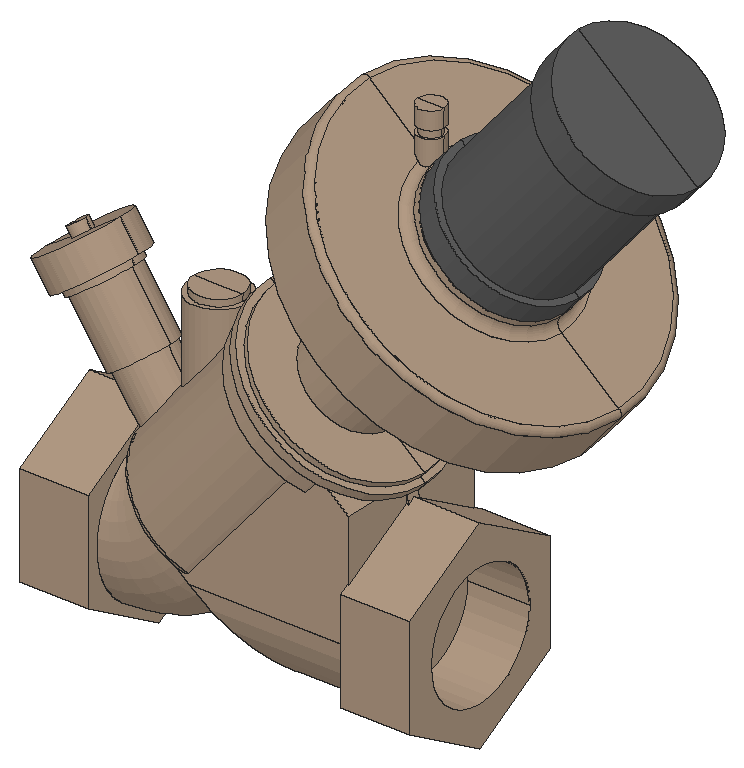
Revit family "M_Valve_Balancing and Control_MEPcontent_Oventrop_Hydromat DTR 10645", category Pipe Accessories, Revit 2015
Parameters (values of type "DN 40")
  Wholesaler Art. No. = ""
  Wholesaler = ""
  Watermarked By = "www.stabiplan.com"
  built-in parameter 1114242 [instance] = 1
  URL = "www.stabiplan.com"
  Stabu Code = ""
  Revit Version = "2015"  # constant formula
  Product Line = "Oventrop"  # constant formula
  Model = "Hydromat DTR 10645"
  MEPcontent Class = "VALVE_BALANCING"  # constant formula
  Language = ""
  Internal Art. No. = ""
  IFCExportType = "PRESSUREREDUCING"
  IFCExportAs = "IfcValveType"
  GTIN = "4026755127171"
  Function Code [instance] = ""
  Female_Port_Width = 19.100 mm
  r3_Bonnet = (0.28571 * D_Bonnet) / 2  # 14.857 mm
  r2 = 3.000 mm  # constant formula
  r1 = 2.000 mm  # constant formula
  Use Nominal Diameter [instance] = yes
  SW2 = Nut_Dimension / sqrt(3 / 4)  # 62.354 mm
  Nut_Dimension = 54.000 mm
  Rcut_Bonnet = R1_Bonnet - 1.000 mm  # 22.026 mm
  Rad5 = Rad4 + 2.000 mm  # 31.150 mm
  Rad4 = Rad3 + 2.500 mm  # 29.150 mm
  Rad3 = Rad2 + 2.500 mm  # 26.650 mm
  Rad2 = Rad1  # 24.150 mm
  Rad1 = OuterDiameter / 2  # 24.150 mm
  R3_Bonnet [instance] = NominalRadius + 7.500 mm  # 26.550 mm
  R2_Bonnet = (0.6 * D_Bonnet) / 2  # 31.200 mm
  R1_Bonnet = (0.4428 * D_Bonnet) / 2  # 23.026 mm
  Pressure Drop = 0.0 Pa
  NominalRadius [instance] = if(Use Nominal Diameter, NominalDiameter / 2, OuterDiameter / 2)  # 19.050 mm
  NominalDiameter = 38.100 mm
  Manufacturer = "Oventrop"  # constant formula
  Lgt2 = 11.000 mm  # constant formula
  Lgt1 = Female_Port_Width + 2.000 mm  # 21.100 mm
  L2 = Rad2 * tan(Angle / 2)  # 11.261 mm
  Length = 120.000 mm
  Hlp1 = 22.000 mm  # constant formula
  Hb6 = ((Hb2 + Hb3 + Hb5 + (2 * r1)) / sin(Angle)) - (NominalDiameter * 0.29 + 2.700 mm)  # 67.186 mm
  Hb5 = 3.000 mm  # constant formula
  Hb4 = 18.000 mm  # constant formula
  Hb3 = 5.000 mm
  Hb2 = if(NominalDiameter > 25.000 mm, 50.000 mm, NominalDiameter * 0.6 + 10.000 mm)  # 50.000 mm
  Hb1 = (Height / sin(Angle)) - (24.000 mm / tan(Angle))  # 212.224 mm
  H_Bonnet = Height  # 178.000 mm
  H1_Bonnet = 0.242 * H_Bonnet  # 43.076 mm
  Height = 178.000 mm
  Family Version = "10.14"  # constant formula
  ETIM Article Class = "EC011463"
  EMCS Version = "2.0"  # constant formula
  Dist_elem = 45.000 mm
  Description = "Differential pressure regulator\r\n"  # constant formula
  OuterDiameter = 48.300 mm
  D_Bonnet = 104.000 mm  # constant formula
  Manufacturer URL = "http://www.oventrop.de/ArticleInfo.aspx?art=1064512"
  Custom = no
  Copyright = "© Stabiplan International BV"  # constant formula
  Content Supplier URL = "www.mepcontent.eu"
  CB-NL Class = ""
  Bronze = Color RGB 156-122-90
  BonnetPlastic = Color RGB 35-35-35
  Article Type = "Hydromat DTR 10645"  # constant formula
  Article Description = "Differential pressure regulator"  # constant formula
  Angle = 50.00°  # constant formula
  Manufacturer Art. No. = "1064512"
Types (6, lengths in mm): name | GTIN | Female_Port_Width | SW2 | Nut_Dimension | Rad5 | Rad4 | Rad3 | Rad2 | Rad1 | R3_Bonnet | NominalRadius | NominalDiameter | Lgt1 | L2 | Length | Hb6 | Hb3 | Hb2 | Hb1 | H_Bonnet | H1_Bonnet | Height | Dist_elem | OuterDiameter | Manufacturer URL | Manufacturer Art. No.
  DN 40 | "4026755127171" | 19.100 | 62.354 | 54.000 | 31.150 | 29.150 | 26.650 | 24.150 | 24.150 | 26.550 | 19.050 | 38.100 | 21.100 | 11.261 | 120.000 | 67.186 | 5.000 | 50.000 | 212.224 | 178.000 | 43.076 | 178.000 | 45.000 | 48.300 | "http://www.oventrop.de/ArticleInfo.aspx?art=1064512" | "1064512"
  DN 32 | "4026755127164" | 19.100 | 57.735 | 50.000 | 28.200 | 26.200 | 23.700 | 21.200 | 21.200 | 23.375 | 15.875 | 31.750 | 21.100 | 9.886 | 110.000 | 63.806 | 1.000 | 50.000 | 204.392 | 172.000 | 41.624 | 172.000 | 45.000 | 42.400 | "http://www.oventrop.de/ArticleInfo.aspx?art=1064510" | "1064510"
  DN 25 | "4026755127157" | 16.800 | 47.343 | 41.000 | 23.850 | 21.850 | 19.350 | 16.850 | 16.850 | 20.200 | 12.700 | 25.400 | 18.800 | 7.857 | 97.500 | 81.313 | 13.000 | 50.000 | 192.643 | 163.000 | 39.446 | 163.000 | 39.000 | 33.700 | "http://www.oventrop.de/ArticleInfo.aspx?art=1064508" | "1064508"
  DN 20 | "4026755127140" | 14.500 | 36.950 | 32.000 | 20.450 | 18.450 | 15.950 | 13.450 | 13.450 | 17.025 | 9.525 | 19.050 | 16.500 | 6.272 | 84.000 | 43.248 | 11.000 | 21.430 | 188.727 | 160.000 | 38.720 | 160.000 | 40.000 | 26.900 | "http://www.oventrop.de/ArticleInfo.aspx?art=1064506" | "1064506"
  DN 15 | "4026755127133" | 13.200 | 31.177 | 27.000 | 17.650 | 15.650 | 13.150 | 10.650 | 10.650 | 13.850 | 6.350 | 12.700 | 15.200 | 4.966 | 80.000 | 45.337 | 15.000 | 17.620 | 186.116 | 158.000 | 38.236 | 158.000 | 37.000 | 21.300 | "http://www.oventrop.de/ArticleInfo.aspx?art=1064504" | "1064504"
  DN 50 | "4026755216912" | 25.700 | 80.829 | 70.000 | 37.150 | 35.150 | 32.650 | 30.150 | 30.150 | 32.900 | 25.400 | 50.800 | 27.700 | 14.059 | 150.000 | 63.503 | 5.000 | 50.000 | 253.997 | 210.000 | 50.820 | 210.000 | 67.000 | 60.300 | "http://www.oventrop.de/ArticleInfo.aspx?art=1064516" | "1064516"
Reference planes
  plane 1 "Center (Front/Back)": y = 0
  plane 2: z = 0
  plane 3 "Center (Left/Right)": x = 0
  plane 4: x = -60
  plane 5: x = 60
  plane 6: x = 40.9
  plane 7: x = -40.9
  plane 8: x = -38.9
  plane 9: z = -24.15
  plane 10: z = -26.65
  plane 11: z = -29.15
  plane 12: x = -27.639
  plane 13: z = 24.15
  plane 14: y = 5.5
  plane 15: y = -5.5
  plane 16: y = -24.15
  plane 17: y = 24.15
  plane 18: x = 38.9
  plane 19: y = 11
  plane 20: y = -11
  plane 21: y = -2
  plane 22: y = 2
  plane 23: z = 31.177
  plane 24: z = -31.177
  plane 25: y = 27
  plane 26: y = -27
  plane 27: z = 178
  plane 28: z = 113.646
Forms (mm)
  Extrusion 1, solid, material "Color RGB 156-122-90" <- "Bronze", detail levels fine
    sketch origin (0, 0, 0) x (0, 1, 0) y (0, 0, 1)
      loop
        circle (0, 0) r 24.15
    from -40.9 to 40.9
  Revolve 2, void
    sketch origin (-27.639, 0, 0) x (0.642788, 0, 0.766044) y (-0.766044, 0, 0.642788)
      loop
        line (11.261, 0) -> (-120, 0) -> (-120, -120) -> (11.261, -120) -> (11.261, 0)
      axis (-120, 0) -> (11.261, 0)
    angle from 0 to 360
  Revolve 3, solid, material "Color RGB 156-122-90" <- "Bronze", detail levels fine
    sketch origin (-38.9, -1524, 140.053) x (0, 0, 1) y (0, -1, 0)
      loop
        circle (-140.053, -1524) r 24.15
      axis (-115.903, -1524) -> (-115.903, -1523)
    angle from 0 to -50
  Extrusion 4, solid, material "Color RGB 156-122-90" <- "Bronze", detail levels fine
    sketch origin (-38.9, -1524, 140.053) x (0, 0, 1) y (0, -1, 0)
      loop
        circle (-140.053, -1524) r 24.15
    from -2 to 0
  Revolve 5, solid, material "Color RGB 156-122-90" <- "Bronze", detail levels fine
    sketch origin (-28.571, 0, 0) x (0.642788, 0, 0.766044) y (-0.766044, 0, 0.642788)
      loop
        line (75.861, -0.714) -> (11.861, -0.714) -> (11.861, -25.364)
        arc (11.861, -25.364) -> (12.447, -26.779) -> (13.861, -27.364) r 2
        line (13.861, -27.364) -> (61.861, -27.364) -> (63.861, -29.864) -> (68.861, -29.864) -> (70.861, -31.864) -> (73.861, -31.864) -> (73.861, -29.864) -> (75.861, -29.864) -> (75.861, -0.714)
      axis (11.861, -0.714) -> (75.861, -0.714)
    angle from 0 to 360
  Extrusion 6, solid, material "Color RGB 156-122-90" <- "Bronze", detail levels fine
    sketch origin (40.9, -1524, 140.053) x (0, 0, 1) y (0, -1, 0)
      loop
        circle (-140.053, -1524) r 24.15
    from 0 to -2
  Extrusion 7, solid, material "Color RGB 156-122-90" <- "Bronze", detail levels fine
    sketch origin (-27.639, 0, 0) x (0.642788, 0, 0.766044) y (-0.766044, 0, 0.642788)
      loop
        line (70.261, 0) -> (11.261, 0) -> (11.261, -13.421) -> (42.77, -50.972) -> (70.261, -27.904) -> (70.261, 0)
    from -24.15 to 24.15
  Extrusion 8, solid, material "Color RGB 156-122-90" <- "Bronze", detail levels fine
    sketch origin (-27.639, 0, 0) x (0.642788, 0, 0.766044) y (-0.766044, 0, 0.642788)
      loop
        line (73.261, -23.631) -> (73.261, 0) -> (37.949, -45.226) -> (44.056, -52.504) -> (62.556, -36.98) -> (73.261, -23.631)
    from -2 to 2
  Revolve 9, solid, material "Color RGB 156-122-90" <- "Bronze", detail levels fine
    sketch origin (-20.4, 0, 8.627) x (-0.573576, 0, 0.819152) y (-0.819152, 0, -0.573576)
      loop
        line (61, -11) -> (63, -11) -> (63, -14) -> (73, -14) -> (73, -3) -> (76, -3) -> (76, 0) -> (0, 0) -> (0, -9) -> (40, -9) -> (40, -10) -> (61, -10) -> (61, -11)
      axis (0, 0) -> (76, 0)
    angle from 0 to 360
  Revolve 10, solid, material "Color RGB 156-122-90" <- "Bronze", detail levels fine
    sketch origin (-20.4, 0, 8.627) x (0, 0, 1) y (-1, 0, 0)
      loop
        line (0, 0) -> (0, -9) -> (58.011, -9) -> (58.011, -7.533) -> (60, -7.533) -> (60, 0) -> (0, 0)
      axis (0, 0) -> (60, 0)
    angle from 0 to 360
  Extrusion 11, solid, material "Color RGB 156-122-90" <- "Bronze", detail levels fine
    sketch origin (0, 0, 0) x (0, 1, 0) y (0, 0, 1)
      loop
        line (0, 31.177) -> (-27, 15.588) -> (-27, -15.588) -> (0, -31.177) -> (27, -15.588) -> (27, 15.588) -> (0, 31.177)
      loop
        circle (0, 0) r 19.05
    from 38.9 to 60
  Extrusion 12, solid, material "Color RGB 156-122-90" <- "Bronze", detail levels fine
    sketch origin (0, 0, 0) x (0, 1, 0) y (0, 0, 1)
      loop
        line (0, 31.177) -> (-27, 15.588) -> (-27, -15.588) -> (0, -31.177) -> (27, -15.588) -> (27, 15.588) -> (0, 31.177)
      loop
        circle (0, 0) r 19.05
    from -60 to -38.9
  Revolve 13, solid, material "Color RGB 35-35-35" <- "BonnetPlastic", detail levels fine
    sketch origin (0, 0, 0) x (1, 0, 0) y (0, 0, 1)
      loop
        line (90.391, 178) -> (83.963, 170.34) -> (85.496, 169.054) -> (55.606, 133.433) -> (54.074, 134.718) -> (49.253, 128.973) -> (67.638, 113.546) -> (108.776, 162.573) -> (90.391, 178)
      axis (67.638, 113.546) -> (108.776, 162.573)
    angle from 0 to 360
  Revolve 14, solid, material "Color RGB 156-122-90" <- "Bronze", detail levels fine
    sketch origin (0, 0, 0) x (1, 0, 0) y (0, 0, 1)
      loop
        line (49.253, 128.973) -> (47.967, 127.441)
        arc (47.967, 127.441) -> (45.931, 126.381) -> (43.741, 127.071) r 3
        line (43.741, 127.071) -> (26.122, 141.855)
        arc (26.122, 141.855) -> (24.662, 142.316) -> (23.304, 141.609) r 2
        line (23.304, 141.609) -> (11.734, 127.82) -> (31.609, 107.945) -> (25.181, 100.285) -> (29.624, 92.59) -> (8.75, 67.713) -> (20.738, 57.654) -> (67.638, 113.546) -> (49.253, 128.973)
      axis (20.738, 57.654) -> (67.638, 113.546)
    angle from 0 to 360
  Revolve 15, solid, material "Color RGB 156-122-90" <- "Bronze", detail levels fine
    sketch origin (0, 0, 0) x (1, 0, 0) y (0, 0, 1)
      loop
        line (45, 141.599) -> (40.952, 141.599) -> (40.952, 136.293) -> (41.858, 135.799) -> (41.858, 133.743) -> (41.002, 133.743) -> (41.002, 113.646) -> (45, 113.646) -> (45, 141.599)
      axis (45, 113.646) -> (45, 141.599)
    angle from 0 to 360
Cuts and joins
  Revolve 2 cuts Extrusion 1
  joined: Revolve 14, Revolve 15
Lines and regions (mm)
  reference lines
    curve 1: line (-27.639, 0, 0) -> (229.476, 0, 306.418)
    curve 2: line (39.496, 0, 220.706) -> (172.846, 0, 108.812)
    curve 3: line (-48.542, 0, 115.787) -> (84.808, 0, 3.893)
    curve 4: line (-49.828, 0, 114.255) -> (83.522, 0, 2.361)
    curve 5: line (-51.756, 0, 111.957) -> (81.594, 0, 0.063)
    curve 6: line (-53.042, 0, 110.425) -> (80.308, 0, -1.469)
    curve 7: line (-56.256, 0, 106.594) -> (77.094, 0, -5.3)
    curve 8: line (-89.681, 0, 66.76) -> (43.669, 0, -45.134)
    curve 9: line (-27.639, 0, 0) -> (58.378, 0, -72.176)
    curve 10: line (-57.541, 0, 105.062) -> (75.809, 0, -6.832)
    curve 11: line (25.085, 0, 21.374) -> (65.449, 0, 69.477)
    curve 12: line (67.364, 0, 67.87) -> (27, 0, 19.767)
    curve 13: line (68.896, 0, 66.584) -> (28.532, 0, 18.481)
    curve 14: line (119.715, 24, 175.609) -> (106.141, 24, 159.432)
    curve 15: line (119.715, -24, 175.609) -> (106.141, -24, 159.432)
    curve 16: line (119.715, 35, 175.609) -> (106.141, 35, 159.432)
    curve 17: line (108.776, 41.48, 162.573) -> (108.776, -45.862, 162.573)
    curve 18: line (106.848, 41.48, 160.275) -> (106.848, -45.862, 160.275)
    curve 19: line (95.921, -45.862, 147.252) -> (95.921, 41.48, 147.252)
    curve 20: line (-20.4, 0, 8.627) -> (-49.079, 0, 49.584)
    curve 21: line (-20.4, 0, 8.627) -> (-20.4, 0, 50.926)
    curve 22: line (0, 54, 0) -> (0, 0, 31.177)
    curve 23: line (0, 0, -31.177) -> (0, -54, 0)
    curve 24: line (0, -54, 0) -> (0, 0, 31.177)
    curve 25: line (0, 0, -31.177) -> (0, 54, 0)
  model lines, style "Accessories", detail levels coarse+medium
    curve 26: line (-40.9, 0, 24.15) -> (-40.9, 0, -24.15)
    curve 27: line (40.9, 0, 24.15) -> (40.9, 0, -24.15)
    curve 28: line (-40.9, 0, -24.15) -> (40.9, 0, 24.15)
    curve 29: line (40.9, 0, -24.15) -> (-40.9, 0, 24.15)
    curve 30: circle (0, 0, 0) r 19.05 normal (1, 0, 0)
    curve 31: line (-40.9, 24.15, 0) -> (-40.9, -24.15, 0)
    curve 32: line (40.9, 24.15, 0) -> (40.9, -24.15, 0)
    curve 33: line (40.9, 24.15, 0) -> (-40.9, -24.15, 0)
    curve 34: line (-40.9, 24.15, 0) -> (40.9, -24.15, 0)
Dimensions and locks
  equal spacing: plane 5, plane 3 "Center (Left/Right)", plane 4
  "Length": plane 5 to plane 4
  "Female_Port_Width": plane 7 to plane 4
  "Lgt1": plane 4 to plane 8
  "L2": plane 12 to plane 8
  "Female_Port_Width": plane 6 to plane 5
  "Rad4": level to plane 11
  "Rad3": level to plane 10
  "Rad2": level to plane 9
  "Rad2": plane 13 to level
  equal spacing: plane 14, plane 1 "Center (Front/Back)", plane 15
  "Lgt2": plane 14 to plane 15
  "Hb1": curve 9 to curve 2
  "Length": Revolve 2 sketch curve to curve 1
  "Length": Revolve 2 sketch curve to curve 9
  equal spacing: plane 17, plane 1 "Center (Front/Back)", plane 16
  "Rad2": plane 1 "Center (Front/Back)" to plane 16
  "L2": curve 9 to curve 8
  "Lgt1": plane 5 to plane 18
  "Hb2": curve 8 to curve 10
  "r1": curve 10 to curve 7
  "Hb3": curve 7 to curve 6
  "r1": curve 6 to curve 5
  "Hb5": curve 5 to curve 4
  "r1": curve 4 to curve 3
  "Rad3": curve 11 to curve 1
  "Rad4": curve 12 to curve 1
  "Rad5": curve 13 to curve 1
  "Hlp1": plane 19 to plane 20
  equal spacing: plane 19, plane 1 "Center (Front/Back)", plane 20
  equal spacing: curve 14, curve 1, curve 15
  locked: curve 14 to curve 1 at 24
  curve 16 to curve 1 = 35.000 mm
  "Hb1": curve 1 to curve 17
  locked: curve 18 to curve 17 at 3
  locked: curve 19 to curve 18 at 17
  equal spacing: plane 22, plane 1 "Center (Front/Back)", plane 21
  "r1": plane 1 "Center (Front/Back)" to plane 21
  locked: Revolve 9 sketch curve to curve 20 at 9
  locked: Revolve 9 sketch curve to Revolve 9 sketch curve at 40
  locked: Revolve 9 sketch curve to Revolve 9 sketch curve at 21
  locked: Revolve 10 sketch curve to curve 21 at 9
  equal spacing: plane 25, plane 1 "Center (Front/Back)", plane 26
  "Nut_Dimension": plane 25 to plane 26
  equal spacing: plane 23, level, plane 24
  "SW2": plane 23 to plane 24
  equal spacing: curve 23, plane 1 "Center (Front/Back)", curve 22
  "Nut_Dimension": curve 23 to curve 22
  equal spacing: curve 24, plane 1 "Center (Front/Back)", curve 25
  "Nut_Dimension": curve 24 to curve 25
  locked: Revolve 9 sketch curve to Revolve 9 sketch curve at 2
  locked: Revolve 9 sketch curve to Revolve 9 sketch curve at 10
  locked: Revolve 9 sketch curve to Revolve 9 sketch curve at 3  (x3)
  locked: Revolve 9 sketch curve to Revolve 9 sketch curve at 1  (x2)
  locked: plane 1 "Center (Front/Back)" to Extrusion 11 sketch curve
  locked: level to Extrusion 11 sketch curve
  locked: level to Extrusion 12 sketch curve
  locked: plane 1 "Center (Front/Back)" to Extrusion 12 sketch curve
  "Height": plane 27 to level
  locked: Revolve 10 sketch curve to Revolve 10 sketch curve at 1.989
  locked: Revolve 10 sketch curve to Revolve 10 sketch curve at 60
  locked: curve 1 to Revolve 13 sketch curve at 24
  locked: Revolve 13 sketch curve to Revolve 13 sketch curve at 2  (x2)
  curve 1 to Revolve 14 sketch curve to Revolve 14 sketch curve to Revolve 14 sketch curve to Revolve 14 sketch curve to Revolve 14 sketch curve = 15.650 mm locked, 8.350 mm locked, 3.000 mm locked, 23.000 mm locked, 2.000 mm locked
  Revolve 14 sketch curve to Revolve 14 sketch curve to Revolve 14 sketch curve to Revolve 14 sketch curve to Revolve 14 sketch curve to Revolve 14 sketch curve to Revolve 14 sketch curve to curve 2 = 3.039 mm locked, 10.000 mm locked, 2.450 mm locked, 18.000 mm locked, 2.000 mm locked, 5.000 mm locked, 64.000 mm locked
  Revolve 13 sketch curve to Revolve 13 sketch curve to Revolve 13 sketch curve to curve 2 = 7.500 mm locked, 46.500 mm locked, 10.000 mm locked
  locked: plane 27 to plane 28 at 64.354
  Revolve 15 sketch curve to Revolve 15 sketch curve to Revolve 15 sketch curve to Revolve 15 sketch curve to plane 28 = 5.306 mm, 0.494 mm locked, 2.056 mm locked, 20.097 mm locked
  "Dist_elem": Revolve 15 sketch curve to plane 3 "Center (Left/Right)"
  Revolve 15 sketch curve to Revolve 15 sketch curve to Revolve 15 sketch curve = 0.906 mm locked, 3.142 mm locked
  locked: Revolve 15 sketch curve to Revolve 15 sketch curve at 3.998
  "Rad2": radius of Extrusion 1 sketch curve
  "Rad2": radius of Revolve 3 sketch curve
  "Rad2": radius of Extrusion 4 sketch curve
  "r1": radius of Revolve 5 sketch curve
  "Rad2": radius of Extrusion 6 sketch curve
  "NominalRadius": radius of curve 30
  "NominalRadius": radius of Extrusion 11 sketch curve
  "NominalRadius": radius of Extrusion 12 sketch curve
  radius of Revolve 14 sketch curve = 3.000 mm
  radius of Revolve 14 sketch curve = 2.000 mm
  "Angle": angle level to curve 1
  locked: curve 1 to curve 20 (angle 75.00°)
  locked: curve 1 to curve 21 (angle 40.00°)
  aligned and locked: level to plane 2
  aligned and locked: plane 12 to curve 1
  aligned and locked: plane 2 to curve 1
  aligned and locked: curve 3 to curve 2  (x2)
  aligned and locked: curve 4 to curve 2  (x2)
  aligned and locked: curve 5 to curve 2  (x2)
  aligned and locked: curve 6 to curve 2  (x2)
  aligned and locked: curve 7 to curve 2  (x2)
  aligned and locked: curve 8 to curve 2  (x2)
  aligned and locked: curve 9 to curve 1  (x2)
  aligned and locked: Revolve 2 sketch curve to curve 1  (x2)
  aligned and locked: plane 6 to Extrusion 1
  aligned and locked: plane 7 to Extrusion 1
  aligned and locked: Revolve 3 sketch curve to plane 13
  aligned and locked: plane 7 to Extrusion 4
  aligned and locked: plane 8 to Extrusion 4
  aligned and locked: Revolve 5 sketch curve to curve 8
  aligned and locked: curve 1 to Revolve 5 sketch curve
  aligned and locked: Revolve 5 sketch curve to curve 1
  aligned and locked: curve 8 to Revolve 2 sketch curve
  aligned and locked: curve 12 to curve 11  (x2)
  aligned and locked: curve 13 to curve 11  (x2)
  aligned and locked: curve 3 to Revolve 5 sketch curve
  aligned and locked: Revolve 5 sketch curve to curve 11
  aligned and locked: curve 10 to Revolve 5 sketch curve
  aligned and locked: curve 12 to Revolve 5 sketch curve
  aligned and locked: curve 7 to Revolve 5 sketch curve
  aligned and locked: curve 6 to Revolve 5 sketch curve
  aligned and locked: curve 5 to Revolve 5 sketch curve
  aligned and locked: curve 13 to Revolve 5 sketch curve
  aligned and locked: Revolve 5 sketch curve to curve 4
  aligned and locked: Revolve 5 sketch curve to curve 12
  aligned and locked: curve 17 to curve 19  (x2)
  aligned and locked: curve 17 to curve 18  (x2)
  aligned and locked: Extrusion 6 to plane 18
  aligned and locked: curve 5 to Extrusion 7 sketch curve
  aligned and locked: Extrusion 7 sketch curve to plane 18
  aligned and locked: plane 2 to Extrusion 7 sketch curve
  aligned and locked: curve 1 to Extrusion 7 sketch curve
  aligned and locked: plane 17 to Extrusion 7
  aligned and locked: plane 16 to Extrusion 7
  aligned and locked: curve 8 to Extrusion 7 sketch curve
  aligned and locked: curve 4 to Extrusion 8 sketch curve  (x2)
  aligned and locked: plane 13 to Extrusion 8 sketch curve
  aligned and locked: Extrusion 8 sketch curve to plane 6
  aligned and locked: plane 2 to Extrusion 8 sketch curve
  aligned and locked: Extrusion 8 to plane 22
  aligned and locked: plane 21 to Extrusion 8
  aligned and locked: Revolve 9 sketch curve to curve 20  (x2)
  aligned and locked: Revolve 10 sketch curve to curve 21  (x2)
  aligned and locked: level to curve 22
  aligned and locked: plane 23 to curve 22
  aligned and locked: plane 1 "Center (Front/Back)" to curve 22
  aligned and locked: level to curve 23
  aligned and locked: Extrusion 11 sketch curve to curve 24
  aligned and locked: plane 26 to Extrusion 11 sketch curve
  aligned and locked: Extrusion 11 sketch curve to curve 23
  aligned and locked: Extrusion 11 sketch curve to curve 25
  aligned and locked: Extrusion 11 sketch curve to plane 25
  aligned and locked: curve 22 to Extrusion 11 sketch curve
  aligned and locked: Extrusion 12 sketch curve to curve 24
  aligned and locked: plane 26 to Extrusion 12 sketch curve
  aligned and locked: Extrusion 12 sketch curve to curve 23
  aligned and locked: Extrusion 12 sketch curve to curve 25
  aligned and locked: Extrusion 12 sketch curve to plane 25
  aligned and locked: curve 22 to Extrusion 12 sketch curve
  aligned and locked: plane 8 to Extrusion 12
  aligned and locked: Extrusion 11 to plane 18
  aligned and locked: plane 13 to curve 26
  aligned and locked: plane 7 to curve 26
  aligned and locked: plane 13 to curve 27
  aligned and locked: plane 9 to curve 27
  aligned and locked: curve 27 to plane 6
  aligned and locked: plane 9 to curve 26
  aligned and locked: plane 17 to curve 31
  aligned and locked: plane 16 to curve 31
  aligned and locked: plane 7 to curve 31
  aligned and locked: plane 17 to curve 32
  aligned and locked: plane 16 to curve 32
  aligned and locked: curve 32 to plane 6
  aligned and locked: Extrusion 12 to plane 4
  aligned and locked: Extrusion 11 to plane 5
  aligned and locked: curve 1 to Extrusion 8 sketch curve
  aligned and locked: curve 2 to Revolve 13 sketch curve
  aligned and locked: Revolve 13 sketch curve to curve 1
  aligned and locked: Revolve 14 sketch curve to curve 1
  aligned and locked: Revolve 14 sketch curve to Revolve 5
  aligned and locked: Revolve 15 sketch curve to Revolve 15 sketch curve  (x2)
  aligned and locked: Revolve 15 sketch curve to plane 28
  aligned and locked: plane 28 to Revolve 15 sketch curve
Automatic sketch dimensions
  Extrusion 8 sketch curve to Extrusion 8 sketch curve = 6.106 mm
  Extrusion 8 sketch curve to Extrusion 8 sketch curve = 13.349 mm
  Revolve 9 sketch curve to curve 20 = 0.000 mm  (x3)
  Revolve 13 sketch curve to Revolve 13 sketch curve = 12.032 mm
  Revolve 13 sketch curve to level = 0.000 mm
  plane 27 to Revolve 13 sketch curve = 148.418 mm
  Revolve 14 sketch curve to Revolve 14 sketch curve = 1.928 mm
  Revolve 14 sketch curve to Revolve 14 sketch curve = 10.060 mm
  Revolve 14 sketch curve to Revolve 14 sketch curve = 12.503 mm
  Revolve 14 sketch curve to level = 0.000 mm
  plane 27 to Revolve 14 sketch curve = 148.418 mm
  Revolve 10 sketch curve to curve 21 = 0.000 mm  (x3)
  Revolve 10 sketch curve to Revolve 10 sketch curve = 1.467 mm
  Revolve 14 sketch curve to Revolve 14 sketch curve = 1.286 mm
  curve 30 to level = 0.000 mm
  curve 30 to plane 1 "Center (Front/Back)" = 0.000 mm
  Extrusion 1 sketch curve to level = 0.000 mm
  Extrusion 1 sketch curve to plane 1 "Center (Front/Back)" = 0.000 mm
  curve 9 to curve 1 = 112.287 mm
  curve 20 to curve 1 = 0.000 mm
  curve 21 to curve 1 = 0.000 mm
  curve 21 to curve 11 = 39.002 mm
  curve 11 to curve 11 = 62.794 mm
  curve 1 to curve 2 = 83.637 mm
  curve 7 to curve 10 = 0.000 mm  (x2)
  curve 20 to curve 7 = 42.143 mm
  Revolve 2 sketch curve to curve 1 = 0.000 mm  (x2)
  Revolve 3 sketch curve to level = 0.000 mm
  Revolve 3 sketch curve to plane 1 "Center (Front/Back)" = 0.000 mm
  Revolve 3 sketch curve to plane 25 = 1425.254 mm
  plane 26 to Revolve 3 sketch curve = 2809.349 mm
  Extrusion 4 sketch curve to level = 0.000 mm
  Extrusion 4 sketch curve to plane 1 "Center (Front/Back)" = 0.000 mm
  Revolve 5 sketch curve to level = 0.000 mm
  Revolve 5 sketch curve to Revolve 5 sketch curve = 352.034 mm
  curve 15 to curve 18 = 1.101 mm
  curve 16 to curve 18 = 1.101 mm
  curve 14 to curve 16 = 0.000 mm
  curve 15 to curve 15 = 21.118 mm
  curve 14 to curve 14 = 21.118 mm
  curve 16 to curve 14 = 0.000 mm
  curve 16 to curve 14 = 11.000 mm
  curve 19 to curve 16 = 6.480 mm
  curve 15 to curve 19 = 21.862 mm
  curve 18 to curve 17 = 0.000 mm
  Extrusion 6 sketch curve to level = 0.000 mm
  Extrusion 6 sketch curve to plane 1 "Center (Front/Back)" = 0.000 mm
  Revolve 15 sketch curve to Revolve 15 sketch curve = 0.388 mm
Connectors
  piping at (-40.9, 0, 0), diameter 38.1, driven by "NominalRadius", driven by "Pressure Drop"
    settings: on Extrusion 4, index 1, connector inside diameter 15.000 mm, connector length 0.000 mm, flow factor 0, pipe flow 0.0 L/s, pressure drop 0.0 Pa, fitting loss kfactor 0, connector angle 0.00°, fixture units 0, engagement length 0.000 mm, angle of deflection 0.00°, flow configuration 0, flow direction 1, fitting loss method 4, system type 29, joint type 0, gender type 0, connector reference index 2, connector utility 0, adjustable connector no, is connector primary yes, connector description "Global In"
  piping at (40.9, 0, 0), diameter 38.1, driven by "NominalRadius", driven by "Pressure Drop"
    settings: on cut or joined group of Extrusion 1, Revolve 2, index 2, connector inside diameter 15.000 mm, connector length 0.000 mm, flow factor 0, pipe flow 0.0 L/s, pressure drop 0.0 Pa, fitting loss kfactor 0, connector angle 0.00°, fixture units 0, engagement length 0.000 mm, angle of deflection 0.00°, flow configuration 0, flow direction 2, fitting loss method 4, system type 29, joint type 0, gender type 0, connector reference index 1, connector utility 0, adjustable connector no, is connector primary no, connector description "Global Out"
